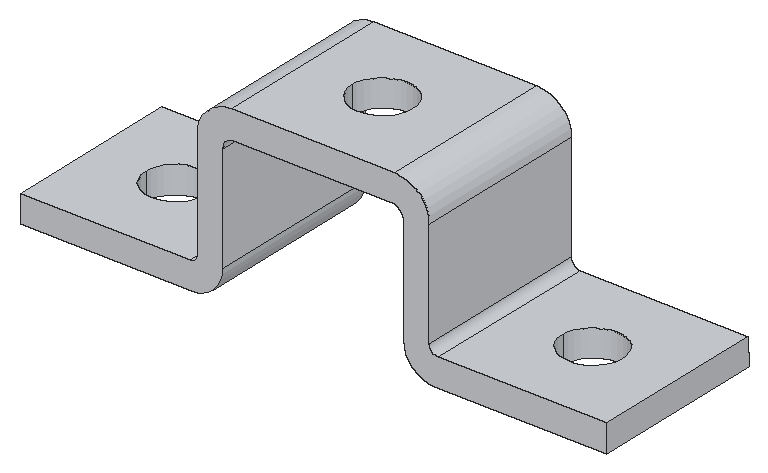
Revit family "Fitting-U_Shape-Unistrut-P3047", category Specialty Equipment, Revit 2012
Parameters (values of type "P3047")
  ecoScorecard_data = "http://products.ecoscorecard.com/atkore/P3047"
  ecoScorecard Product Page = "http://products.ecoscorecard.com/atkore/P3047?action=html"
  Weight Per Piece = 0.84 lbf
  Unit = none
  Unistrut Part Number = "P3047"  # constant formula
  URL = "http://unistrut.us/index.php"
  Thickness = 1/4"
  Subcategory = "U Shape Fittings"
  Product Page URL = "http://unistrut.us/index.php?WP=cat_detail&S=S05&P=P3047"
  Power Strut Part Number = "PS 710"  # constant formula
  Part Type = "Fitting"  # constant formula
  Overall Width = 5 3/8"
  Overall Length = 1 5/8"
  Overall Height = 1 5/8"
  Model = "P3047"
  Material = ""
  Manufacturer Phone - Toll Free = "800-882-5543"  # constant formula
  Manufacturer Phone = "708-339-1610"  # constant formula
  Manufacturer Fax = "708-339-7814"  # constant formula
  Manufacturer Email = "mailto:jshaw@atkore.com"
  Manufacturer Address = "16100 South Lathrop Avenue, Harvey, IL 60426"  # constant formula
  Manufacturer = "Unistrut by Atkore International"  # constant formula
  Load Capacity Note = "Visit the product page for load application and capacity."  # constant formula
  Literature URL = "http://unistrut.us/index.php?WP=LItLibrary"
  Length = 0"
  Hole Diameter = 9/16"
  Default Elevation = 48"
  Cost Info = "mailto:jshaw@atkore.com"
  Construction Note = ""
  Category = "Specialty Equipment"  # constant formula
  CAD URL = "http://unistrut.us/index.php?WP=CAD3d"
  Assembly Code = "D5020100"
  Angle = 0.00°
  95 CSI = "16070"  # constant formula
  04 CSI = "26 05 48"  # constant formula
Reference planes (in)
  plane 1 "Center (Front/Back)": y = 0
  plane 2: z = 0
  plane 3 "Center (Left/Right)": x = 0
  plane 4: y = 0.8125
  plane 5: y = -0.8125
  plane 6: x = 2.6875
  plane 7: x = -2.6875
  plane 8: z = 1.625
  plane 9: z = 0.25
  plane 10: z = 1.375
  plane 11: x = 1.91116
  plane 12: x = -1.91039
Dimensions and locks (in)
  equal spacing: plane 5, plane 1 "Center (Front/Back)", plane 4
  equal spacing: plane 7, plane 3 "Center (Left/Right)", plane 6
  "Overall Width": plane 7 to plane 6
  "Overall Height": plane 5 to plane 4
  "Thickness": plane 9 to level
  plane 10 to level = 1 3/8"
  "Overall Length": plane 8 to level
  aligned and locked: level to plane 2
  aligned and locked: plane 3 "Center (Left/Right)" to nested 1
  aligned and locked: plane 1 "Center (Front/Back)" to nested 1
Nested families (in)
  nested 1: "3047" at (0, 0, 0), type "3047"
    with Overall Height 1 5/8"
Definition of nested family "3047"
  Parameters (values of type "3047")
    Unit = none
    URL = ""
    Thickness = 1/4"
    Subcategory = ""
    Product Page URL = ""
    Overall Width = 5 3/8"
    Overall Length = 1 5/8"
    Overall Height = 1 3/8"
    Model = "P3047"
    Material = ""
    Manufacturer = ""
    Length = 0"
    Hole Radius = 9/32"
    Hole Diameter = Hole Radius * 2  # 9/16"
    Assembly Code = ""
  Reference planes (in)
    plane 1 "Center (Front/Back)": y = 0
    plane 2: z = 0
    plane 3 "Center (Left/Right)": x = 0
    plane 4: y = 0.6875
    plane 5: y = -0.6875
    plane 6: x = -2.6875
    plane 7: x = 0.82813
    plane 8: x = 2.6875
    plane 9: z = 1.625
    plane 10: x = -0.82813
    plane 11: x = -1.0625
    plane 12: x = 1.0625
    plane 13: z = 0.25
    plane 14: z = 1.375
  Forms (in)
    Extrusion 1, solid, material <- "Unit"
      sketch origin (0, 0, 0) x (1, 0, 0) y (0, 0, 1)
        loop
          line (-2.6875, 0) -> (-1.11534, 0)
          arc (-1.11534, 0) -> (-0.91225, 0.08412) -> (-0.82813, 0.28722) r 0.28722
          line (-0.82813, 0.28722) -> (-0.82813, 1.27323)
          arc (-0.82813, 1.27323) -> (-0.79832, 1.34519) -> (-0.72636, 1.375) r 0.10177
          line (-0.72636, 1.375) -> (0.70313, 1.375)
          arc (0.70313, 1.375) -> (0.79151, 1.33839) -> (0.82813, 1.25) r 0.125
          line (0.82813, 1.25) -> (0.82813, 0.28616)
          arc (0.82813, 0.28616) -> (0.91194, 0.08381) -> (1.11429, 0) r 0.28616
          line (1.11429, 0) -> (2.6875, 0) -> (2.6875, 0.25) -> (1.14393, 0.25)
          arc (1.14393, 0.25) -> (1.08635, 0.27385) -> (1.0625, 0.33143) r 0.08143
          line (1.0625, 0.33143) -> (1.0625, 1.3125)
          arc (1.0625, 1.3125) -> (0.97097, 1.53347) -> (0.75, 1.625) r 0.3125
          line (0.75, 1.625) -> (-0.74925, 1.625)
          arc (-0.74925, 1.625) -> (-0.97075, 1.53325) -> (-1.0625, 1.31175) r 0.31325
          line (-1.0625, 1.31175) -> (-1.0625, 0.31641)
          arc (-1.0625, 0.31641) -> (-1.08195, 0.26945) -> (-1.12891, 0.25) r 0.06641
          line (-1.12891, 0.25) -> (-2.6875, 0.25) -> (-2.6875, 0)
      from -0.6875 to 0.6875
    Extrusion 2, void
      sketch origin (0, 0, 0) x (1, 0, 0) y (0, 1, 0)
        loop
          circle (-1.91039, 0) r 0.27818
        loop
          circle (1.91116, 0) r 0.27818
      from 0 to 0.25
    Extrusion 3, void
      sketch origin (0, 0, 0) x (1, 0, 0) y (0, 1, 0)
        loop
          circle (-0.01562, 0) r 0.28125
      from 1.375 to 1.625
  Cuts and joins
    Extrusion 2, Extrusion 3 cuts Extrusion 1
  Dimensions and locks (in)
    equal spacing: plane 5, plane 1 "Center (Front/Back)", plane 4
    "Overall Height": plane 4 to plane 5
    "Thickness": plane 9 to plane 14
    equal spacing: plane 6, plane 3 "Center (Left/Right)", plane 8
    "Overall Width": plane 6 to plane 8
    "Thickness": plane 13 to level
    aligned and locked: level to plane 2
    aligned and locked: plane 6 to Extrusion 1 sketch curve
    aligned and locked: Extrusion 1 sketch curve to plane 13
    aligned and locked: Extrusion 1 sketch curve to plane 2
    aligned and locked: plane 7 to Extrusion 1 sketch curve
    aligned and locked: plane 12 to Extrusion 1 sketch curve
    aligned and locked: Extrusion 1 sketch curve to plane 9
    aligned and locked: Extrusion 1 sketch curve to plane 10
    aligned and locked: Extrusion 1 sketch curve to plane 11
    aligned and locked: Extrusion 1 sketch curve to plane 8
    aligned and locked: plane 4 to Extrusion 1
    aligned and locked: plane 5 to Extrusion 1
    aligned and locked: Extrusion 1 sketch curve to plane 14
    aligned and locked: plane 9 to Extrusion 3
    aligned and locked: Extrusion 1 to Extrusion 3
    aligned and locked: plane 13 to Extrusion 2
  Automatic sketch dimensions
    Extrusion 1 sketch curve to level = 0"
    Extrusion 1 sketch curve to plane 13 = 0"
    plane 11 to Extrusion 1 sketch curve = 17/256"
    plane 13 to Extrusion 1 sketch curve = 0.03722"
    Extrusion 1 sketch curve to plane 10 = 0.07887"
    Extrusion 1 sketch curve to plane 7 = 5/64"
    Extrusion 1 sketch curve to plane 7 = 1/8"
    plane 13 to Extrusion 1 sketch curve = 0.03616"
    Extrusion 1 sketch curve to Extrusion 1 sketch curve = 0.02964"
    plane 1 "Center (Front/Back)" to Extrusion 2 sketch curve = 0"  (x2)
    plane 6 to Extrusion 2 sketch curve = 0.77711"
    plane 8 to Extrusion 2 sketch curve = 0.77634"
    plane 1 "Center (Front/Back)" to Extrusion 3 sketch curve = 0"
    Extrusion 3 sketch curve to plane 3 "Center (Left/Right)" = 1/64"
    Extrusion 1 sketch curve to Extrusion 1 sketch curve = 0.03852"
    radius of Extrusion 2 sketch curve = 0.27818"  (x2)
    radius of Extrusion 3 sketch curve = 9/32"
